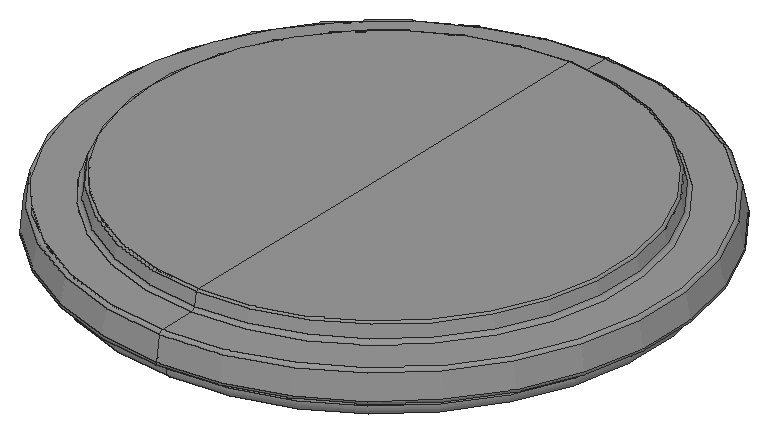
Revit family "FMK13_63_UN_Surface-mounted_ETK", category Lighting Fixtures, Revit 2017 (continued)
Definition of nested family "FMK.1 - Lightsource"
  Types (13, lengths in mm): name | Wattage Comments | Photometric Web File | built-in parameter 1150142 | Apparent Load
      580.557\r\n575.8245\t567.7807\t558.671\t549.5453\t540.3689\t531.5285\t520.6203\t507.6479\t495.0358\t482.4103\r\n469.7659\t456.1023\t439.9856\t424.2655\t408.544\t392.8333\t376.1554\t357.0502\t338.3348\t319.6294\r\n300.9487\t282.2854\t263.6386\t245.0208\t226.416\t229.2017\t45.4684\t0\t0\t0\r\n0\t0\t0\t0\t0\t0\r\n604.9325\t604.7632\t604.6362\t603.7203\t602.0082\t600.4147\t595.7247\t590.7676\t585.7629\t580.6861\r\n575.9058\t567.6035\t558.5877\t549.4888\t540.4293\t531.726\t520.0768\t507.5\t494.9689\t482.4273\r\n470.2375\t455.5327\t439.9057\t424.245\t408.5773\t393.285\t375.5117\t356.8122\t338.1263\t319.4596\r\n300.8082\t282.1736\t263.5683\t244.9667\t226.3809\t226.4495\t32.7256\t0\t0\t0\r\n0\t0\t0\t0\t0\t0\r\n604.9325\t604.7494\t604.6192\t603.7068\t602.0019\t600.4017\t595.6636\t590.7204\t585.7555\t580.7574\r\n576.0386\t567.5341\t558.5281\t549.5331\t540.4448\t531.678\t519.8299\t507.4404\t494.966\t482.469\r\n470.2994\t455.3393\t439.7438\t424.1484\t408.56\t393.3021\t375.2679\t356.5942\t337.9405\t319.3018\r\n300.6755\t282.0607\t263.4482\t244.854\t226.2716\t222.8477\t22.725\t0\t0\t0\r\n0\t0\t0\t0\t0\t0\r\n604.9325\t604.7357\t604.5967\t603.684\t601.9814\t600.3699\t595.5908\t590.662\t585.7282\t580.7774\r\n576.0465\t567.4397\t558.4879\t549.5241\t540.5844\t531.8864\t519.8198\t507.3101\t494.8808\t482.4693\r\n470.3215\t455.1606\t439.6097\t424.0629\t408.5175\t393.228\t374.9972\t356.3573\t337.7329\t319.1159\r\n300.506\t281.8988\t263.2952\t244.6981\t226.1219\t218.8981\t15.0099\t0\t0\t0\r\n0\t0\t0\t0\t0\t0\r\n604.9325\t604.7223\t604.5686\t603.6521\t601.9545\t600.3064\t595.5102\t590.5972\t585.6714\t580.7393\r\n575.9875\t567.2954\t558.3889\t549.4772\t540.5512\t531.8001\t519.6428\t507.2546\t494.8661\t482.4548\r\n470.231\t454.9664\t439.4613\t423.9574\t408.44\t393.1071\t374.7393\t356.1186\t337.5193\t318.9114\r\n300.3051\t281.7155\t263.1204\t244.529\t225.9498\t215.0686\t9.2037\t0\t0\t0\r\n0\t0\t0\t0\t0\t0\r\n604.9325\t604.7094\t604.4862\t603.611\t601.9186\t600.2519\t595.4135\t590.5198\t585.6158\t580.6958\r\n575.8642\t567.1097\t558.241\t549.3869\t540.4953\t531.7019\t519.4694\t507.1191\t494.7328\t482.3628\r\n470.0882\t454.7379\t439.2614\t423.776\t408.2999\t392.9255\t374.4478\t355.8537\t337.2496\t318.6474\r\n300.0597\t281.4641\t262.8684\t244.288\t225.7094\t211.6358\t4.9997\t0\t0\t0\r\n0\t0\t0\t0\t0\t0\r\n604.9325\t604.6969\t604.4556\t603.5192\t601.874\t600.1956\t595.3363\t590.449\t585.5548\t580.6541\r\n575.7996\t566.9991\t558.1327\t549.2735\t540.42\t531.6019\t519.2964\t506.9413\t494.5886\t482.2445\r\n469.9877\t454.5785\t439.0952\t423.6214\t408.1442\t392.7183\t374.1807\t355.5769\t336.9856\t318.3868\r\n299.7943\t281.203\t262.6158\t244.0278\t225.4394\t208.9068\t2.165\t0\t0\t0\r\n0\t0\t0\t0\t0\t0\r\n604.9325\t604.6847\t604.4274\t603.4735\t601.8037\t600.1361\t595.2676\t590.3811\t585.4992\t580.6088\r\n575.7401\t566.912\t558.0725\t549.2441\t540.4033\t531.587\t519.2191\t506.851\t494.4843\t482.1068\r\n469.7562\t454.3202\t438.8773\t423.4266\t407.9715\t392.5332\t373.932\t355.3289\t336.7255\t318.1135\r\n299.5116\t280.9116\t262.2998\t243.7\t225.1013\t207.0147\t0.5323\t0\t0\t0\r\n0\t0\t0\t0\t0\t0\r\n604.9325\t604.6729\t604.4014\t603.4335\t601.7575\t600.0816\t595.2071\t590.3206\t585.446\t580.5597\r\n575.685\t566.8329\t557.9807\t549.1285\t540.2764\t531.4242\t519.0431\t506.6501\t494.257\t481.8758\r\n469.4829\t454.0447\t438.6064\t423.1684\t407.7302\t392.292\t373.6789\t355.054\t336.4408\t317.8278\r\n299.2028\t280.5896\t261.9646\t243.3516\t224.7385\t206.1135\t0\t0\t0\t0\r\n0\t0\t0\t0\t0\t0\r\n604.9325\t604.6616\t604.378\t603.3995\t601.715\t600.0296\t595.1546\t590.2669\t585.4105\t580.5216\r\n575.6582\t566.7631\t557.8634\t548.9492\t540.0325\t531.1387\t518.7759\t506.3999\t494.0246\t481.6485\r\n469.2857\t453.8306\t438.3655\t422.898\t407.4405\t391.9924\t373.3723\t354.7354\t336.1017\t317.4682\r\n298.8328\t280.1999\t261.5672\t242.9339\t224.3137\t206.2036\t0.5301\t0\t0\t0\r\n0\t0\t0\t0\t0\t0\r\n604.9325\t604.6507\t604.3569\t603.3713\t601.698\t599.9887\t595.1169\t590.2224\t585.3231\t580.4075\r\n575.5369\t566.6425\t557.7033\t548.7862\t539.8612\t531.0007\t518.6409\t506.2128\t493.7948\t481.377\r\n469.0121\t453.5886\t438.1005\t422.6195\t407.1375\t391.7061\t373.1018\t354.4428\t335.7831\t317.1238\r\n298.4689\t279.8011\t261.1531\t242.4973\t223.8535\t207.2464\t2.1476\t0\t0\t0\r\n0\t0\t0\t0\t0\t0\r\n604.9325\t604.6403\t604.3383\t603.3781\t601.6534\t599.9308\t595.0598\t590.1302\t585.1637\t580.2052\r\n575.3271\t566.4956\t557.5561\t548.6172\t539.6572\t530.7955\t518.4879\t506.047\t493.6358\t481.2019\r\n468.8827\t453.4616\t437.9077\t422.358\t406.814\t391.4091\t372.8458\t354.1519\t335.4575\t316.7768\r\n298.0863\t279.3995\t260.7148\t242.0356\t223.3535\t209.1392\t4.9398\t0\t0\t0\r\n0\t0\t0\t0\t0\t0\r\n604.9325\t604.6305\t604.3542\t603.3499\t601.5992\t599.8648\t594.9909\t590.0066\t585.0197\t580.0279\r\n575.213\t566.4149\t557.4183\t548.4139\t539.4142\t530.599\t518.354\t505.8662\t493.3253\t480.7725\r\n468.4051\t453.0753\t437.5235\t421.9622\t406.3959\t391.0178\t372.5245\t353.7887\t335.0458\t316.3216\r\n297.6139\t278.9143\t260.2218\t241.5236\t222.8419\t211.7307\t9.0584\t0\t0\t0\r\n0\t0\t0\t0\t0\t0\r\n604.9325\t604.6209\t604.3361\t603.3171\t601.5361\t599.79\t594.9273\t589.9054\t584.8898\t579.8507\r\n575.019\t566.2793\t557.2303\t548.1795\t539.1485\t530.3832\t518.1958\t505.5947\t492.998\t480.4038\r\n468.0549\t452.8183\t437.1902\t421.5538\t405.9366\t390.617\t372.2595\t353.4868\t334.7152\t315.9418\r\n297.1676\t278.4178\t259.6912\t240.9653\t222.2487\t214.6609\t14.7139\t0\t0\t0\r\n0\t0\t0\t0\t0\t0\r\n604.9325\t604.6121\t604.3154\t603.2796\t601.4588\t599.7057\t594.8651\t589.8096\t584.7389\t579.6112\r\n574.75\t566.1333\t557.0381\t547.9336\t538.8114\t530.0323\t517.9997\t505.3262\t492.6666\t480.0139\r\n467.6665\t452.5996\t436.9052\t421.1918\t405.4901\t390.1168\t371.9317\t353.1249\t334.3088\t315.5017\r\n296.703\t277.9087\t259.137\t240.3756\t221.641\t217.6606\t22.1831\t0\t0\t0\r\n0\t0\t0\t0\t0\t0\r\n604.9325\t604.6037\t604.2923\t603.2379\t601.3832\t599.6112\t594.7992\t589.7156\t584.578\t579.3507\r\n574.4365\t565.9847\t556.8299\t547.6569\t538.4624\t529.6436\t517.8379\t505.1383\t492.3998\t479.655\r\n467.2301\t452.3504\t436.5478\t420.7758\t404.9991\t389.6016\t371.6468\t352.7568\t333.902\t315.0466\r\n296.2052\t277.3808\t258.5638\t239.7718\t220.9966\t220.3335\t31.8157\t0\t0\t0\r\n0\t0\t0\t0\t0\t0\r\n604.9325\t604.6264\t604.2668\t603.184\t601.3042\t599.4921\t594.7631\t589.6316\t584.4014\t579.0674\r\n574.1164\t565.8696\t556.6558\t547.4143\t538.1213\t529.2802\t518.2321\t504.9902\t492.1\t479.1502\r\n466.2748\t452.4704\t436.2345\t420.3688\t404.5102\t388.6462\t371.7795\t352.4387\t333.5044\t314.5978\r\n295.7023\t276.8281\t257.9759\t239.1444\t220.3439\t222.1659\t44.019\t0\t0\t0\r\n0\t0\t0\t0\t0\t0\r\n604.9325\t604.6175\t604.2388\t603.1377\t601.2227\t599.393\t594.7597\t589.541\t584.2109\t578.7911\r\n573.7778\t565.8354\t556.5099\t547.1431\t537.7767\t528.4261\t518.0929\t504.6371\t491.6852\t478.7549\r\n465.7705\t452.2449\t435.9539\t419.9514\t403.9894\t388.026\t371.4783\t352.1406\t333.1278\t314.1432\r\n295.1638\t276.2281\t257.3335\t238.4602\t219.6336\t222.5815\t59.2795\t0\t0\t0\r\n0\t0\t0\t0\t0\t0\r\n604.9325\t604.6083\t604.2087\t603.0905\t601.1334\t599.2948\t594.7477\t589.4485\t584.0313\t578.5186\r\n572.9709\t566.2131\t556.303\t546.8736\t537.408\t527.7959\t517.755\t504.4878\t491.4077\t478.3154\r\n465.1946\t451.8663\t435.6497\t419.562\t403.4723\t387.3853\t371.0707\t351.7829\t332.7135\t313.6759\r\n294.6564\t275.6527\t256.6917\t237.7765\t218.8904\t200.0404\t123.0458\t0\t0\t0\r\n0\t0\t0\t0\t0\t0\r\n604.9325\t604.5984\t604.1762\t603.0423\t601.0563\t599.2079\t594.7406\t589.3635\t583.8557\t578.2878\r\n572.5598\t565.9939\t556.1202\t546.5996\t536.9675\t527.333\t517.5303\t504.2723\t491.0942\t477.8523\r\n464.6219\t451.4545\t435.3539\t419.1162\t402.8873\t386.7138\t370.6427\t351.5167\t332.3327\t313.2127\r\n294.1056\t275.0485\t256.0207\t237.0535\t218.1327\t199.2528\t141.3756\t0\t0\t0\r\n0\t0\t0\t0\t0\t0\r\n604.9325\t604.5881\t604.1345\t602.9934\t600.9831\t599.0881\t595.1231\t589.2797\t583.702\t578.0092\r\n572.086\t565.7444\t556.0207\t546.3512\t536.6207\t526.7829\t517.1153\t504.1266\t490.752\t477.3913\r\n464.0075\t450.8707\t435.0141\t418.6634\t402.3572\t386.0323\t370.0481\t351.2415\t331.9591\t312.7263\r\n293.5436\t274.4063\t255.3393\t236.3172\t217.3562\t198.4472\t158.4187\t0\t0\t0\r\n0\t0\t0\t0\t0\t0\r\n604.9325\t604.5773\t604.0991\t602.9455\t600.914\t598.9484\t595.1202\t589.2174\t583.57\t577.6864\r\n571.6185\t565.5197\t555.9396\t546.1367\t536.2215\t526.2616\t516.5963\t503.9155\t490.4617\t476.9917\r\n463.3929\t449.7242\t435.1403\t418.2976\t401.8163\t385.3234\t369.2577\t350.95\t331.5721\t312.2532\r\n292.976\t273.7597\t254.6188\t235.5561\t216.5474\t197.6093\t173.3203\t0\t0\t0\r\n0\t0\t0\t0\t0\t0\r\n604.9325\t604.5662\t604.0625\t602.8947\t600.8579\t598.4107\t595.0932\t589.1837\t583.4111\t577.3865\r\n571.207\t565.2785\t555.8452\t545.8987\t535.8506\t525.6906\t515.4472\t504.2643\t490.2873\t476.512\r\n462.7778\t449.0181\t434.7872\t417.8293\t401.2088\t384.6206\t368.038\t350.9748\t331.1759\t311.7626\r\n292.4418\t273.1465\t253.9196\t234.7779\t215.7009\t196.7075\t185.101\t0\t0\t0\r\n0\t0\t0\t0\t0\t0\r\n604.9325\t604.5549\t604.0248\t602.8422\t600.8896\t598.2527\t595.0586\t589.1516\t583.2471\t577.0978\r\n570.8578\t564.8371\t555.7919\t545.6803\t535.468\t525.155\t514.7861\t504.1101\t489.9894\t476.136\r\n462.2219\t448.1506\t434.1791\t417.5062\t400.72\t383.9073\t367.1567\t350.4871\t330.8814\t311.3368\r\n291.8725\t272.4841\t253.2081\t233.9971\t214.874\t195.8381\t192.7191\t15.9245\t0\t0\r\n0\t0\t0\t0\t0\t0\r\n604.9325\t604.5433\t603.986\t602.788\t600.8165\t598.0928\t595.0063\t589.1287\t583.1052\t576.8495\r\n570.464\t563.8318\t556.1539\t545.496\t535.1406\t524.6786\t514.145\t503.5885\t489.837\t475.7861\r\n461.5507\t447.3989\t433.5293\t417.1738\t400.1728\t383.2561\t366.3482\t349.7603\t330.57\t310.9182\r\n291.3454\t271.8635\t252.4808\t233.2119\t214.0328\t194.9634\t195.026\t38.2765\t0\t0\r\n0\t0\t0\t0\t0\t0\r\n604.9325\t604.5317\t603.9462\t602.73\t600.7396\t597.9295\t594.9348\t589.1201\t582.9764\t576.6315\r\n570.0584\t563.2569\t555.9179\t545.3696\t534.8625\t524.2132\t513.4217\t502.9356\t489.7305\t475.3691\r\n461.0709\t446.6983\t432.2196\t417.1769\t399.7761\t382.6479\t365.546\t348.499\t330.6306\t310.5168\r\n290.8325\t271.2253\t251.7671\t232.4223\t213.1813\t194.0621\t175.0452\t106.4478\t0\t0\r\n0\t0\t0\t0\t0\t0\r\n604.9325\t604.5199\t603.9051\t602.6751\t600.6596\t597.7729\t594.8273\t589.1277\t582.8766\t576.4068\r\n569.6829\t562.6314\t555.6053\t545.3093\t534.5655\t523.7745\t512.7601\t501.66\t489.8704\t475.1468\r\n460.6236\t445.9779\t431.3323\t416.721\t399.3955\t382.1115\t364.7839\t347.5098\t330.1901\t310.1235\r\n290.373\t270.6834\t251.0985\t231.6345\t212.2907\t193.1322\t174.086\t133.5693\t0\t0\r\n0\t0\t0\t0\t0\t0\r\n604.9325\t604.5079\t603.8631\t602.6134\t600.5749\t597.6205\t594.6841\t589.1533\t582.7971\t576.198\r\n569.2975\t562.0743\t555.1412\t545.1747\t534.4\t523.3501\t512.1459\t500.742\t489.4278\t474.9764\r\n460.2072\t445.3919\t430.5375\t415.931\t399.1573\t381.5414\t364.0205\t346.5679\t329.4978\t309.9127\r\n289.9228\t270.0565\t250.3956\t230.8425\t211.4094\t192.1749\t173.1081\t154.025\t0\t0\r\n0\t0\t0\t0\t0\t0\r\n604.9325\t604.4961\t603.8272\t602.5488\t600.4863\t597.4731\t594.506\t589.5741\t582.7439\t576.0162\r\n568.8821\t561.5908\t554.0037\t545.51\t534.2308\t522.9763\t511.5426\t499.9542\t488.6592\t475.3061\r\n459.9308\t444.8951\t429.7989\t414.6003\t399.0359\t381.0986\t363.3904\t345.7352\t328.131\t309.8941\r\n289.5081\t269.4864\t249.6632\t230.0436\t210.573\t191.2661\t172.1269\t166.1889\t1.0816\t0\r\n0\t0\t0\t0\t0\t0\r\n604.9325\t604.4843\t603.6876\t602.4812\t600.394\t597.3304\t593.8969\t589.5576\t582.7321\t575.8654\r\n568.5536\t561.1314\t553.1982\t545.2937\t534.1132\t522.6889\t511.0381\t499.2227\t487.2464\t475.0385\r\n459.7619\t444.4779\t429.0445\t413.5582\t398.4204\t380.7318\t362.7844\t344.8834\t327.0801\t309.3293\r\n289.0741\t268.9893\t249.0266\t229.2819\t209.6976\t190.315\t171.1479\t152.1609\t24.9516\t0\r\n0\t0\t0\t0\t0\t0\r\n604.9325\t604.4729\t603.6423\t602.4109\t600.2969\t597.1958\t593.6426\t589.4592\t582.742\t575.7081\r\n568.317\t560.6659\t552.5479\t544.712\t534.4903\t522.4719\t510.5985\t498.545\t486.3296\t474.3497\r\n459.6837\t444.0747\t428.3777\t412.7844\t396.9567\t380.7411\t362.297\t344.1678\t326.043\t308.3826\r\n288.7651\t268.5059\t248.3888\t228.5046\t208.8423\t189.3996\t170.1602\t151.1308\t92.5537\t0\r\n0\t0\t0\t0\t0\t0\r\n604.9325\t604.4616\t603.597\t602.3379\t600.1979\t597.1739\t593.3818\t589.3226\t582.7813\t575.5444\r\n568.0981\t560.1654\t552.0133\t543.4448\t534.3842\t522.3157\t510.2443\t497.9469\t485.4798\t472.8858\r\n459.8258\t443.7838\t427.9923\t411.939\t395.91\t380.1029\t361.9131\t343.5007\t325.0806\t306.9089\r\n288.6458\t268.0404\t247.8084\t227.7882\t207.9796\t188.4441\t169.1623\t150.1435\t122.6663\t0\r\n0\t0\t0\t0\t0\t0\r\n604.9325\t604.4506\t603.5522\t602.2627\t600.0956\t597.0523\t593.1349\t589.1244\t583.2394\t575.4851\r\n567.9307\t559.7776\t551.4227\t542.6122\t533.9082\t522.2819\t509.9837\t497.4537\t484.7479\t471.794\r\n458.998\t443.7995\t427.5727\t411.2769\t395.0097\t378.6622\t361.8948\t342.8143\t324.3217\t305.8143\r\n287.7492\t267.7007\t247.2224\t227.0748\t207.166\t187.5405\t168.1922\t149.124\t140.1567\t0\r\n0\t0\t0\t0\t0\t0\r\n604.9325\t604.4294\t603.5077\t602.188\t599.9899\t596.9477\t592.9016\t588.8633\t583.2147\t575.5207\r\n567.7723\t559.5045\t550.8897\t541.9416\t532.6043\t522.5965\t509.811\t497.0659\t484.0541\t470.8107\r\n457.4164\t443.8914\t427.3242\t410.8155\t394.1966\t377.5624\t360.9355\t342.52\t323.6112\t304.8648\r\n286.202\t267.5492\t246.7533\t226.4008\t206.3734\t186.6561\t167.2312\t148.1077\t129.2845\t10.3334\r\n0\t0\t0\t0\t0\t0\r\n604.9325\t604.4195\t603.4641\t602.1078\t599.8841\t596.8155\t592.6872\t588.1451\t583.0235\t575.5845\r\n567.6119\t559.2557\t550.4062\t541.2976\t531.6992\t522.0661\t509.7806\t496.7878\t483.4998\t469.9516\r\n456.3571\t442.8221\t427.6855\t410.4734\t393.5939\t376.5252\t359.5309\t342.4013\t323.0592\t303.9192\r\n285.0445\t266.5724\t246.3282\t225.8347\t205.6391\t185.7617\t166.2891\t147.1457\t128.3049\t73.2475\r\n0\t0\t0\t0\t0\t0\r\n604.9325\t604.4101\t603.4214\t602.025\t599.771\t596.6739\t592.5032\t587.8231\t582.7805\t576.0783\r\n567.5599\t559.0563\t550.0333\t540.6899\t530.8794\t520.6834\t510.0048\t496.6168\t483.0748\t469.3201\r\n455.372\t441.1597\t427.0718\t410.38\t393.176\t375.718\t358.337\t341.0191\t322.5628\t303.171\r\n283.9792\t265.0216\t246.1697\t225.2875\t204.9367\t184.9616\t165.3515\t146.1494\t127.3133\t105.7337\r\n0\t0\t0\t0\t0\t0\r\n604.9325\t604.4017\t603.38\t601.9397\t599.6438\t596.5227\t592.438\t587.5329\t582.44\t576.0734\r\n567.5935\t558.9207\t549.7995\t540.1888\t530.1658\t519.7126\t509.2645\t496.9894\t482.7879\t468.8702\r\n454.5035\t440.0377\t425.3993\t410.6674\t392.8017\t375.0463\t357.3334\t339.6053\t322.0947\t302.6399\r\n283.1155\t263.9142\t244.8482\t224.8765\t204.317\t184.1413\t164.4613\t145.2101\t126.3651\t119.2436\r\n0\t0\t0\t0\t0\t0\r\n604.9325\t604.3939\t603.34\t601.8519\t599.5255\t596.3623\t592.2631\t587.2532\t581.656\t575.8791\r\n568.1003\t558.8511\t549.6123\t539.7808\t529.5521\t518.8501\t507.7503\t496.4831\t482.7274\t468.533\r\n453.9048\t439.1525\t424.1626\t408.9232\t392.9664\t374.5938\t356.5292\t338.4935\t320.5128\t302.3863\r\n282.5686\t262.8995\t243.5418\t224.4753\t203.7722\t183.4746\t163.6292\t144.2566\t125.3736\t106.9497\r\n11.7181\t0\t0\t0\t0\t0\r\n604.9325\t604.387\t603.3015\t601.7617\t599.4058\t596.1605\t592.0815\t586.9987\t581.2608\t575.4819\r\n568.0918\t558.8954\t549.4935\t539.4922\t529.0523\t518.1151\t506.7688\t494.941\t482.9397\t468.3432\r\n453.5373\t438.4736\t423.165\t407.4106\t391.8135\t374.7525\t356.0936\t337.6593\t319.275\t301.111\r\n282.2991\t262.0961\t242.4214\t223.0808\t203.3667\t182.8152\t162.8033\t143.344\t124.4124\t106.0038\r\n72.9351\t0\t0\t0\t0\t0\r\n604.9325\t604.622\t603.2538\t601.5672\t599.2847\t595.9962\t591.8852\t586.8698\t580.9017\t574.5928\r\n567.865\t559.4036\t549.4849\t539.3427\t528.6819\t517.5354\t505.9362\t493.8401\t481.5473\t468.5515\r\n453.4477\t437.9898\t422.2479\t406.2226\t390.0147\t373.9767\t355.942\t337.1648\t318.4738\t299.7784\r\n281.3581\t261.6264\t241.5101\t221.8103\t202.7012\t182.2804\t162.0885\t142.4934\t123.5155\t105.0904\r\n95.1456\t0\t0\t0\t0\t0\r\n604.9325\t604.6141\t603.2189\t601.4822\t599.1621\t595.8286\t591.6884\t586.6254\t580.5859\t574.1298\r\n567.4081\t559.3581\t549.5858\t539.309\t528.4379\t517.129\t505.2655\t492.9651\t480.2973\t467.2202\r\n453.6975\t437.7964\t421.7132\t405.3918\t388.8092\t372.1027\t355.5671\t337.0665\t317.922\t298.752\r\n279.8341\t261.0628\t240.8359\t220.8089\t201.1979\t181.9596\t161.5268\t141.7433\t122.5829\t104.1327\r\n86.3071\t0\t0\t0\t0\t0\r\n604.9325\t604.6054\t603.1866\t601.4029\t599.0383\t595.6611\t591.4846\t586.3831\t580.4101\t573.7236\r\n566.4496\t559.0016\t549.9724\t539.414\t528.3623\t516.8762\t504.7922\t492.3345\t479.3339\t466.0119\r\n452.2141\t437.9358\t421.548\t404.9834\t388.0178\t370.9093\t353.6945\t336.6775\t317.7303\t298.2286\r\n278.7536\t259.4391\t240.5161\t220.1211\t200.0968\t180.6721\t161.0151\t141.0006\t121.7686\t103.2549\r\n85.4213\t45.9781\t0\t0\t0\t0\r\n604.9325\t604.5953\t603.1572\t601.3299\t598.9131\t595.4931\t591.2773\t586.136\t580.1303\t573.4509\r\n565.956\t558.0142\t549.6285\t539.8675\t528.4659\t516.7647\t504.5384\t491.8589\t478.6369\t465.0603\r\n450.9503\t436.4023\t421.7158\t404.8189\t387.5354\t370.1777\t352.5399\t334.7641\t317.2154\t298.387\r\n278.1701\t258.4364\t238.9754\t219.7559\t199.2825\t179.3658\t160.3313\t140.4532\t120.9822\t102.383\r\n84.5438\t73.5444\t0\t0\t0\t0\r\n604.9325\t604.5842\t603.1309\t601.2628\t598.7218\t595.325\t591.0663\t585.8834\t579.8535\t573.1229\r\n565.5374\t557.4249\t548.5695\t539.5105\t528.9283\t516.8665\t504.4931\t491.5872\t478.201\t464.3372\r\n449.9781\t435.1134\t420.0866\t404.7055\t387.8436\t369.7748\t351.778\t333.5676\t315.3363\t297.026\r\n278.3487\t257.9367\t237.9282\t218.2191\t198.7991\t178.3756\t158.8354\t140.0522\t120.3754\t101.6243\r\n83.73\t66.7522\t0\t0\t0\t0\r\n604.9325\t604.5719\t603.1078\t601.203\t598.6144\t595.1881\t590.8522\t585.6299\t579.5818\t572.7997\r\n565.288\t556.9376\t547.9461\t538.3631\t528.5314\t517.2694\t505.0391\t491.5939\t478.0231\t463.9186\r\n449.2926\t434.2502\t418.8317\t402.9288\t386.7615\t370.0642\t351.5529\t332.8486\t314.229
